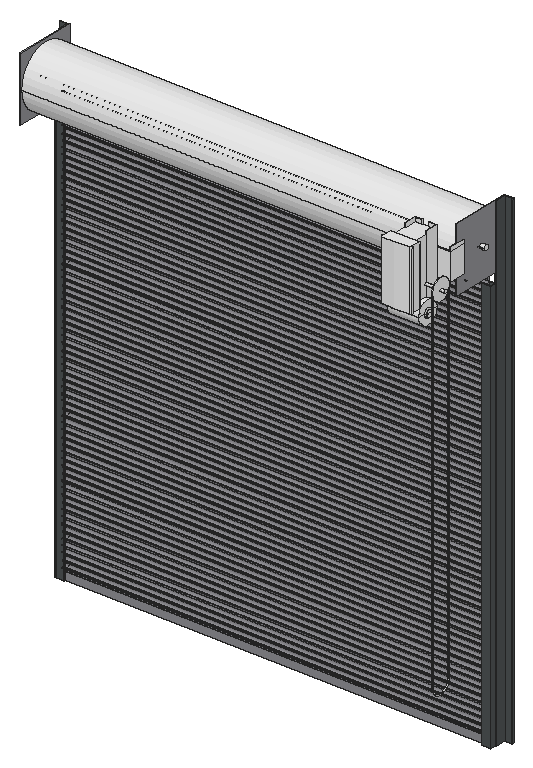
Revit family "Doors_Fire-Doors-Shutters_Overhead-Door-Corporation_Fire-Rated-Service-Doors-630_", category Specialty Equipment, host Wall, Revit 2019
Family settings
  Host = Wall
  Round Connector Dimension = Use Diameter
  Part Type = Normal
  OmniClass Number = 23.30.10.21.34
  OmniClass Title = Industrial Doors
  Always vertical = Yes
  Cut with Voids When Loaded = Yes
  Shared = No
  Room Calculation Point = No
Parameters (values of type "115 volts, one phase, 60 Hz (110-120V range)")
  Width Count [instance] = if(or(Opening Width < 168", Opening Width = 168"), 14, if(or(Opening Width < 240", Opening Width = 240"), 20, 24))  # 14
  Warning Sign [instance] = if(Calculated Area > 683.00 SF, 1 = 1, 1 = 2)  # no
  Warning (Note) [instance] = if(Warning Sign, "The Door Area is out of the limit; please adjust accordingly. The maximum allowed area is 683 sq. ft.", if(HC Warning = 1, "Headroom Clearance Dimensions - out of the limits. Consult Factory", " "))  # " "
  Wall Thickness [instance] = 6"
  Voltage = 115 V
  True Opening Width [instance] = if(Between Jambs Mounting, Door Width True, Clear Width)  # 120"
  True Opening Height [instance] = if(Between Jambs Mounting, Clear Height + Headroom Height, Clear Height)  # 120"
  Slat Type [instance] = if(Slat Option < 2, "C-187", if(Slat Option = 2, "C-275", "F-265"))  # "C-187"
  Slat Option [instance] = 1
  Slat Material [instance] = Steel - Overhead Door - Gray
  Slat Length [instance] = if(Between Jambs Mounting, Clear Width + 1 13/16" * 2, Clear Width + 1 9/16" * 2 + 1/4" * 2)  # 123 5/8"
  Slat Height [instance] = if(Slat < 2, 11 9/32", if(Slat = 2, 13 3/4", 13 19/128"))  # 11 9/32"
  Slat [instance] = if(Slat Option < 2, 1, if(Slat Option = 2, 2, 3))  # 1
  Product Page URL = "https://www.overheaddoor.com/fire-rated-service-doors-630"
  Power Factor = 1
  Powder Coat (Note) = "PowderGuard® Premium powder coat finish options are available in approximately 200 colors as well as custom matching to specification. PowderGuard® Textured finish, a thicker, more scratch resistant coat, is available in 11 colors providing enhanced scratch resistance as well as aiding in hiding the dirt and blemishes that often occur in commercial environments.​"  # constant formula
  Operator Visibility = yes
  Operation (Note) [instance] = "Door could operate by manual push, crank, electrical operator or chain hoist. Manual push up and crank could be used up to 80 sf, for larger door sizes you have to use Chain Hoist operator."  # constant formula
  Opening Width Real [instance] = if(Opening Width > Max Opening Width, Max Opening Width, if(Opening Width < Min Opening Width, Min Opening Width, Opening Width))  # 120"
  Opening Width [instance] = 120"
  Opening Height Real [instance] = if(Opening Height > Max Opening Height, Max Opening Height, if(Opening Height < Min Opening Height, Min Opening Height, Opening Height))  # 120"
  Opening Height [instance] = 120"
  One Array element [instance] = not(Array Vis)  # no
  Number of Poles = 1
  Motor Type [instance] = if(Between Jambs Mounting, "RSX FDO Front of Hood", if(Motor Option < 2, "RSX FDO Front of Hood", if(Motor Option = 2, "RSX FDO Top of Hood", if(Motor Option = 3, "RSX Wall Mount", "RSX Bench Mount"))))  # "RSX FDO Front of Hood"
  Motor Selection (Note) [instance] = "Generic operator shown. Contact Overhead Door when dimensions are critical. "  # constant formula
  Motor Position [instance] = if(Between Jambs Mounting, BJ Displacement Real, 2 1/2")  # 2 1/2"
  Motor Option Real [instance] = if(Between Jambs Mounting, 1, if(Motor Option < 1, 1, if(Motor Option > 4, 4, Motor Option)))  # 1
  Motor Option [instance] = 1
  Min Opening Width [instance] = if(Between Jambs Mounting, 18" + BJ Displacement Real * 2 + 2 3/4" * 2, 18")  # 18"
  Min Opening Height [instance] = if(Between Jambs Mounting, 24" + Headroom Height, 24")  # 24"
  Max Opening Width [instance] = 494"  # constant formula
  Max Opening Height [instance] = 304"  # constant formula
  Lookup Table = "Hood Dimensions"  # constant formula
  Lookup BD [instance] = size_lookup(Lookup Table, if(Slat = 1, "A1", if(Slat = 2, "A2", "A3")), 10", Width Count, Height Count)  # 17 1/2"
  Jambs Offset [instance] = if(Between Jambs Mounting, BJ Displacement Real + 2 3/4", 0")  # 0"
  Installation Real [instance] = if(Between Jambs Mounting, Wall Thickness / 2 - Guid Depth / 2, Wall Thickness)  # 6"
  Hood Type [instance] = if(Hood Option < 2, "No Hood", if(Hood Option = 2, "Square Hood", if(Hood Option = 3, "Octagon Hood", "Round Hood")))  # "No Hood"
  Hood Option [instance] = 1
  Hood Offset [instance] = if(Chain Hoist or Manual, 1", 3")  # 3"
  Hood Material [instance] = Metal - Overhead Door - Gray
  Hood Height [instance] = if(Between Jambs Mounting, Headroom Height - Hood Offset, if(Hood Option > 1, Headroom Height - Hood Offset - 1 1/2", Headroom Height - Hood Offset))  # 18 5/8"
  Height Count [instance] = if(Slat = 1, HC 1, if(Slat = 2, HC 2, HC 3))  # 10
  Lookup HH [instance] = size_lookup(Lookup Table, if(Slat = 1, "B1", if(Slat = 2, "B2", "B3")), 10", Width Count, Height Count)  # 19 5/8"
  Headroom Height [instance] = if(Chain Hoist or Manual, Lookup HH, Lookup HH + 2")  # 21 5/8"
  HC Warning [instance] = size_lookup(Lookup Table, if(Slat = 1, "W1", if(Slat = 2, "W2", "W3")), 0, Width Count, Height Count)  # 0
  HC 3 [instance] = if(or(Opening Height < 120", Opening Height = 120"), 10, if(or(Opening Height < 168", Opening Height = 168"), 14, if(or(Opening Height < 192", Opening Height = 192"), 16, if(or(Opening Height < 216", Opening Height = 216"), 18, if(or(Opening Height < 228", Opening Height = 228"), 19, if(or(Opening Height < 252", Opening Height = 252"), 21, 24))))))  # 10
  HC 2 [instance] = if(or(Opening Height < 120", Opening Height = 120"), 10, if(or(Opening Height < 132", Opening Height = 132"), 11, if(or(Opening Height < 168", Opening Height = 168"), 14, if(or(Opening Height < 192", Opening Height = 192"), 16, if(or(Opening Height < 216", Opening Height = 216"), 18, if(or(Opening Height < 228", Opening Height = 228"), 19, if(or(Opening Height < 252", Opening Height = 252"), 21, 24)))))))  # 10
  HC 1 [instance] = if(or(Opening Height < 120", Opening Height = 120"), 10, if(or(Opening Height < 252", Opening Height = 252"), 21, 24))  # 10
  Guide Type [instance] = if(Between Jambs Mounting, "Angled Between Jambs Z Guide", "Angled Z Guide")  # "Angled Z Guide"
  Guide Option [instance] = if(Between Jambs Mounting, 1, 2)  # 2
  Guid Depth [instance] = 5"  # constant formula
  Frequency = 60 Hz
  Face of Wall Offset [instance] = if(Between Jambs Mounting, 0", 5")  # 5"
  Face Of Wall Mounting [instance] = not(Between Jambs Mounting)  # yes
  Door Width True [instance] = if(Between Jambs Mounting, Clear Width + BJ Displacement Real * 2 + 2 3/4" * 2, Clear Width + 5 3/4" * 2)  # 131 1/2"
  Door Width (Real) [instance] = if(Between Jambs Mounting, Clear Width, Clear Width + 1" / 2)  # 120 1/2"
  Door Height True [instance] = Clear Width + Headroom Height  # 141 5/8"
  Door Height (Real) [instance] = Clear Height + Hood Offset  # 123"
  URL = "https://www.overheaddoor.com/"
  Product data url = "https://www.bimobject.com/overhead-door/product/fire-rated-service-doors-630"
  Product Guid = "893640db-7c23-4269-adba-346e23f14021"
  Model = "630"  # constant formula
  Manufacturer = "Overhead Door Corporation"  # constant formula
  Wall Closure = By host
  Floor To (CL) of Shaft [instance] = Clear Height + Hood Height / 2 + Hood Offset  # 132 5/16"
  Finish Material = Finish - Overhead Door - Black
  Description = "FireKing Model 630 Rolling Fire Door"  # constant formula
  Clear Width [instance] = if(Between Jambs Mounting, Opening Width Real - BJ Displacement Real * 2 - 2 3/4" * 2, Opening Width Real)  # 120"
  Clear Height [instance] = if(Between Jambs Mounting, Opening Height Real - Headroom Height, Opening Height Real)  # 120"
  Chain Hoist or Manual = no
  Current = 20 A
  Connector Array Distance = 0"  # constant formula
  Connector Array = if(Chain Hoist or Manual, 2, 3)  # 3
  Between Jambs Mounting [instance] = no
  Between Jambs Guides Offset [instance] = 3"
  Bar [instance] = if(and(Hood Option > 1, Face Of Wall Mounting), 1 = 1, 1 = 2)  # no
  Backroom Depth [instance] = Lookup BD  # 17 1/2"
  BJ Opening Cut [instance] = if(Between Jambs Mounting, Headroom Height, 0")  # 0"
  BJ Displacement Real [instance] = if(Between Jambs Mounting, if(Between Jambs Guides Offset < 3", 3", if(Between Jambs Guides Offset > 6 3/4", 6 3/4", Between Jambs Guides Offset)), 0")  # 0"
  Array Vis [instance] = if(Array < 2, 1 = 2, 1 = 1)  # yes
  Array Real [instance] = if(Array < 2, 2, Array)  # 11
  Array Length [instance] = (Array) * Slat Height  # 124 3/32"
  Array [instance] = rounddown(([Door Height (Real)]) / Slat Height) + 1  # 11
  Calculated Area [instance] = [Door Width (Real)] * [Door Height (Real)]  # 102.927 SF
  Apparent Load Phase 3 = if(Number of Poles = 1, 0 VA, (Voltage * Current * sqrt(3)) / 3)  # 0 VA
  Apparent Load Phase 2 = if(Number of Poles = 1, 0 VA, (Voltage * Current * sqrt(3)) / 3)  # 0 VA
  Apparent Load Phase 1 = if(Number of Poles = 1, Voltage * Current, (Voltage * Current * sqrt(3)) / 3)  # 2300 VA
Reference planes (in)
  plane 1 "Center (Front/Back)": y = -14.625
  plane 2 "Center (Left/Right)": x = 0
  plane 3 "Left": x = -60
  plane 4 "Right": x = 60
  plane 5 "Exterior": y = -8.625
  plane 6 "Interior": y = -14.625
  plane 7: x = 65.75
  plane 8: x = -65.75
  plane 9: z = 120
  plane 10 "Main": y = -18.98437
  plane 11 "Backroom Depth": y = -32.125
  plane 12 "Main Door Block": y = -14.625
  plane 13 "Bottom Bar": z = 2.75
  plane 14: y = -19.625
  plane 15: z = 126.84375
  plane 16: z = 141.625
  plane 17: z = 123
  plane 18: z = 143.125
  plane 19: z = 0
  plane 20: z = 60
  plane 21: y = -18.7185
  plane 22: y = 18.375
  plane 23: y = -41.625
  plane 24 "Double Main": y = -18.406
  plane 25 "Headroom Top": z = 141.625
  plane 26: z = 132.3125
  plane 27: x = 63.25
  plane 28: x = -63.25
Forms (in)
  Extrusion 1, void
    sketch origin (0, -14.625, 0) x (0, 0, -1) y (-1, 0, 0)
      loop
        line (-120, 60) -> (-120, -60) -> (0, -60) -> (0, 60) -> (-120, 60)
    from 0 to 6
  Extrusion 2, solid, material "Metal - Overhead Door - Gray" <- "Hood Material", visible <- "Bar"
    sketch origin (0, 0, 0) x (0, 1, 0) y (0, 0, 1)
      loop
        line (-14.875, 141.625) -> (-14.625, 141.625) -> (-14.625, 143.125) -> (-14.875, 143.125) -> (-14.875, 141.625)
    from -63 to 63
Lines and regions (in)
  symbolic lines, visible <- "Bar"
    curve 1: line (63, -14.625, 0) -> (-63, -14.625, 0)
    curve 2: line (-63, -14.875, 0) -> (63, -14.875, 0)
Text (in)
  text "Exterior" at (-74.96733, 27.31104, 0), in view "Ref. Level"
  text "Interior" at (-74.96733, -25.14366, 0), in view "Ref. Level"
  text "Exterior" at (0, 40.15149, 123.01588), in view "Right"
  text "Interior" at (0, -64.39139, 123.01588), in view "Right"
  text "Interior" at (0, -31.01599, 123.00693), in view "Left"
  text "Exterior" at (0, 54.57065, 123.00693), in view "Left"
Dimensions and locks (in)
  equal spacing: plane 3 "Left", plane 2 "Center (Left/Right)", plane 4 "Right"
  "Clear Width": plane 3 "Left" to plane 4 "Right"
  level to host wall = 459.59655"
  "Clear Height": level to plane 9
  plane 7 to plane 8 = 131 1/2"
  equal spacing: plane 7, plane 2 "Center (Left/Right)", plane 8
  locked: plane 13 "Bottom Bar" to level at 2.75
  "Door Width True": plane 7 to plane 8
  "Guid Depth": plane 14 to plane 12 "Main Door Block"
  locked: plane 14 to plane 10 "Main" at 0.64063
  equal spacing: group 1, group 3, group 4, group 5, group 6, group 7, group 8, group 9, group 10, group 11, group 2  (x3)
  "Array Length": plane 15 to plane 13 "Bottom Bar"
  "Backroom Depth": plane 11 "Backroom Depth" to plane 12 "Main Door Block"
  "Hood Height": plane 16 to plane 17
  locked: plane 18 to plane 16 at 1.5
  locked: Extrusion 2 sketch curve to Extrusion 2 sketch curve at 0.25
  "Installation Real": plane 1 "Center (Front/Back)" to plane 5 "Exterior"
  "Wall Thickness": host wall to host wall
  equal spacing: plane 9, plane 20, plane 19
  locked: plane 10 "Main" to plane 21 at 0.26587
  equal spacing: plane 22, host wall, plane 23
  locked: plane 22 to plane 23 at 60
  locked: plane 10 "Main" to plane 24 "Double Main" at 0.57837
  "BJ Opening Cut": Extrusion 1 sketch curve to plane 9
  locked: Extrusion 2 sketch curve to Extrusion 2 sketch curve at 1.5
  "Hood Offset": plane 17 to plane 9
  "Headroom Height": plane 25 "Headroom Top" to plane 9
  "Floor To (CL) of Shaft": plane 26 to level
  "Jambs Offset": plane 4 "Right" to Extrusion 1 sketch curve
  "Jambs Offset": Extrusion 1 sketch curve to plane 3 "Left"
  "Motor Position": plane 7 to plane 27
  "Motor Position": plane 28 to plane 8
  locked: plane 28 to Extrusion 2 at 0.25
  locked: Extrusion 2 to plane 27 at 0.25
  aligned and locked: plane 5 "Exterior" to host wall
  aligned and locked: host wall to plane 6 "Interior"
  aligned and locked: level to Extrusion 1 sketch curve
  aligned and locked: Extrusion 1 to plane 5 "Exterior"
  aligned and locked: plane 6 "Interior" to Extrusion 1
  aligned and locked: nested 1 to plane 10 "Main"
  aligned and locked: nested 2 to plane 10 "Main"
  aligned and locked: plane 13 "Bottom Bar" to nested 1
  aligned and locked: nested 3 to plane 2 "Center (Left/Right)"
  aligned and locked: plane 16 to nested 4
  aligned and locked: nested 3 to level
  aligned and locked: Extrusion 2 sketch curve to plane 18
  aligned and locked: plane 6 "Interior" to Extrusion 2 sketch curve
  aligned and locked: curve 1 to Extrusion 2  (x2)
  aligned and locked: curve 2 to Extrusion 2  (x2)
  aligned and locked: Extrusion 2 to curve 2
  aligned and locked: plane 12 "Main Door Block" to plane 1 "Center (Front/Back)"
  aligned and locked: plane 5 "Exterior" to nested 4
  aligned and locked: level to plane 19
  aligned and locked: plane 15 to nested 2
  aligned and locked: nested 3 to plane 1 "Center (Front/Back)"
  aligned and locked: plane 2 "Center (Left/Right)" to nested 5
  aligned and locked: nested 5 to plane 22
  aligned and locked: plane 23 to nested 6
  aligned and locked: nested 6 to plane 2 "Center (Left/Right)"
  aligned and locked: nested 7 to plane 20
  aligned and locked: plane 2 "Center (Left/Right)" to nested 7
  aligned and locked: nested 7 to plane 10 "Main"
  aligned and locked: plane 13 "Bottom Bar" to nested 8
  aligned and locked: plane 2 "Center (Left/Right)" to nested 8
  aligned and locked: nested 8 to plane 10 "Main"
  aligned and locked: nested 4 to plane 27
  aligned and locked: plane 2 "Center (Left/Right)" to nested 1
  aligned and locked: plane 2 "Center (Left/Right)" to nested 9
Automatic sketch dimensions
  curve 1 to curve 2 = 0"
Nested families (in)
  nested 1: "Slat" at (0, -18.98437, 2.75), visible <- "Array Vis", type "Slat"
  nested 2: "Slat" at (0, -18.98437, 115.56375), visible <- "Array Vis", type "Slat"
  nested 3: "Lifts" at (0, -14.625, 0), type "Frame Unit"
    with Square Hood no, Round Hood no, Octagon Hood no, No Hood yes, Hood Offset 3", Hood Height 18 5/8", Half Hood Height 18 5/8", Floor To (CL) of Shaft 132 5/16"
  nested 4: "Motor" at (56.3705, -39.705, 121.2425), visible <- "Operator Visibility", type "Trolley Motor"
  nested 5: "Label Annotation 1" at (0, 18.375, 0), visible <- "Warning Sign", type "Label Annotation 1"
  nested 6: "Label Annotation 1" at (0, -41.625, 0) x (-1, 0, 0) z (0, 0, 1), visible <- "Warning Sign", type "Label Annotation 1"
  nested 7: "Warning Sign" at (0, -18.98437, 60), visible <- "Warning Sign", type "Warning Sign"
    with Warning Sign no
  nested 8: "Slat" at (0, -18.98437, 2.75), visible <- "One Array element", type "Slat"
  nested 9: "Slat" at (0, -18.98437, 14.03137), visible <- "Array Vis", type "Slat"
  nested 10: "Slat" at (0, -18.98437, 25.31275), visible <- "Array Vis", type "Slat"
  nested 11: "Slat" at (0, -18.98437, 36.59412), visible <- "Array Vis", type "Slat"
  nested 12: "Slat" at (0, -18.98437, 47.8755), visible <- "Array Vis", type "Slat"
  nested 13: "Slat" at (0, -18.98437, 59.15687), visible <- "Array Vis", type "Slat"
  nested 14: "Slat" at (0, -18.98437, 70.43825), visible <- "Array Vis", type "Slat"
  nested 15: "Slat" at (0, -18.98437, 81.71963), visible <- "Array Vis", type "Slat"
  nested 16: "Slat" at (0, -18.98437, 93.001), visible <- "Array Vis", type "Slat"
  nested 17: "Slat" at (0, -18.98437, 104.28238), visible <- "Array Vis", type "Slat"
Connectors (in)
  electrical at (59.3585, -38.31077, 131.8123), driven by "Apparent Load Phase 1", driven by "Number of Poles", driven by "Power Factor", driven by "Voltage", driven by "Apparent Load Phase 2", driven by "Apparent Load Phase 3"
    settings: on nested 4, index 1, voltage 115 V, apparent load 0 VA, apparent load phase1 2300 VA, apparent load phase2 0 VA, apparent load phase3 0 VA, power factor 1, load classification "Other", number of poles 1, system type 31, power factor state 1, is connector primary yes, connector utility no, sub classification motor no, connector description "Electrical Connector"
Definition of nested family "Slat"
  Parameters (values of type "Slat")
    Slat Width = if(Slat Option < 2, 0.53", if(Slat Option = 2, 0.88", 0.63"))  # 0.53"
    Slat Position = if(Slat Option < 2, 1.88" * 6, if(Slat Option = 2, 2 3/4" * 5, 2.63" * 5))  # 11.28"
    Slat Option = 1
    Panel Material = none
    Opening Width = 123 5/8"
    F 265 = if(Slat Option > 2, 1 = 1, 1 = 2)  # no
    Default Elevation = 48"
    C 275 = if(Slat Option = 2, 1 = 1, 1 = 2)  # no
    C 187 = if(Slat Option < 2, 1 = 1, 1 = 2)  # yes
  Reference planes (in)
    plane 1 "Center (Front/Back)": y = 0
    plane 2: z = 0
    plane 3 "Center (Left/Right)": x = 0
    plane 4: x = -61.8125
    plane 5: x = 61.8125
    plane 6: y = 0.53
    plane 7: y = 0
    plane 8: z = 0
    plane 9: z = 11.28
    plane 10: y = 0.265
  Forms (in)
    Extrusion 1, solid, material <- "Panel Material", visible <- "C 187"
      sketch origin (0, -4.98186, 11.28) x (0, 1, 0) y (0, 0, 1)
        loop
          arc (5.13374, -0.19852) -> (5.22413, 0.04375) -> (4.98186, -0.04664) r 0.14213
          arc (4.98186, -0.04664) -> (5.00563, -0.16042) -> (5.08572, -0.24466) r 0.21243
          arc (5.08572, -0.24466) -> (5.4383, -0.89756) -> (5.02595, -1.51447) r 0.71901
          arc (5.02595, -1.51447) -> (4.97908, -1.58828) -> (5.02595, -1.6621) r 0.08156
          arc (5.02595, -1.6621) -> (5.11263, -1.7164) -> (5.18387, -1.78979) r 0.42621
          arc (5.18387, -1.78979) -> (4.98591, -1.90085) -> (5.06579, -2.11331) r 0.17419
          arc (5.06579, -2.11331) -> (5.43875, -2.76611) -> (5.02595, -3.39447) r 0.71901
          arc (5.02595, -3.39447) -> (4.97908, -3.46828) -> (5.02595, -3.5421) r 0.08156
          arc (5.02595, -3.5421) -> (5.11263, -3.5964) -> (5.18387, -3.66979) r 0.42621
          arc (5.18387, -3.66979) -> (4.98591, -3.78085) -> (5.06579, -3.99331) r 0.17419
          arc (5.06579, -3.99331) -> (5.43875, -4.64611) -> (5.02595, -5.27447) r 0.71901
          arc (5.02595, -5.27447) -> (4.97908, -5.34828) -> (5.02595, -5.4221) r 0.08156
          arc (5.02595, -5.4221) -> (5.11263, -5.4764) -> (5.18387, -5.54979) r 0.42621
          arc (5.18387, -5.54979) -> (4.98591, -5.66085) -> (5.06579, -5.87331) r 0.17419
          arc (5.06579, -5.87331) -> (5.43875, -6.52611) -> (5.02595, -7.15447) r 0.71901
          arc (5.02595, -7.15447) -> (4.97908, -7.22828) -> (5.02595, -7.3021) r 0.08156
          arc (5.02595, -7.3021) -> (5.11263, -7.3564) -> (5.18387, -7.42979) r 0.42621
          arc (5.18387, -7.42979) -> (4.98591, -7.54085) -> (5.06579, -7.75331) r 0.17419
          arc (5.06579, -7.75331) -> (5.43875, -8.40611) -> (5.02595, -9.03447) r 0.71901
          arc (5.02595, -9.03447) -> (4.97908, -9.10828) -> (5.02595, -9.1821) r 0.08156
          arc (5.02595, -9.1821) -> (5.11263, -9.2364) -> (5.18387, -9.30979) r 0.42621
          arc (5.18387, -9.30979) -> (4.98591, -9.42085) -> (5.06579, -9.63331) r 0.17419
          arc (5.06579, -9.63331) -> (5.43875, -10.28611) -> (5.02595, -10.91447) r 0.71901
          arc (5.02595, -10.91447) -> (4.97908, -10.98828) -> (5.02595, -11.0621) r 0.08156
          arc (5.02595, -11.0621) -> (5.11263, -11.1164) -> (5.18387, -11.18979) r 0.42621
          arc (5.18387, -11.18979) -> (4.98464, -11.27401) -> (5.11521, -11.44645) r 0.13704
          arc (5.11521, -11.44645) -> (5.2675, -11.35269) -> (5.24767, -11.17496) r 0.167
          arc (5.24767, -11.17496) -> (5.15003, -11.06824) -> (5.03941, -10.97505) r 1.11641
          arc (5.03941, -10.97505) -> (5.51106, -10.31587) -> (5.13374, -9.59852) r 0.77203
          arc (5.13374, -9.59852) -> (5.27713, -9.47917) -> (5.24767, -9.29496) r 0.18851
          arc (5.24767, -9.29496) -> (5.15003, -9.18824) -> (5.03941, -9.09505) r 1.11641
          arc (5.03941, -9.09505) -> (5.51106, -8.43587) -> (5.13374, -7.71852) r 0.77203
          arc (5.13374, -7.71852) -> (5.27713, -7.59917) -> (5.24767, -7.41496) r 0.18851
          arc (5.24767, -7.41496) -> (5.15003, -7.30824) -> (5.03941, -7.21505) r 1.11641
          arc (5.03941, -7.21505) -> (5.51106, -6.55587) -> (5.13374, -5.83852) r 0.77203
          arc (5.13374, -5.83852) -> (5.27713, -5.71917) -> (5.24767, -5.53496) r 0.18851
          arc (5.24767, -5.53496) -> (5.15003, -5.42824) -> (5.03941, -5.33505) r 1.11641
          arc (5.03941, -5.33505) -> (5.51106, -4.67587) -> (5.13374, -3.95852) r 0.77203
          arc (5.13374, -3.95852) -> (5.27713, -3.83917) -> (5.24767, -3.65496) r 0.18851
          arc (5.24767, -3.65496) -> (5.15003, -3.54824) -> (5.03941, -3.45505) r 1.11641
          arc (5.03941, -3.45505) -> (5.51106, -2.79587) -> (5.13374, -2.07852) r 0.77203
          arc (5.13374, -2.07852) -> (5.27713, -1.95917) -> (5.24767, -1.77496) r 0.18851
          arc (5.24767, -1.77496) -> (5.15003, -1.66824) -> (5.03941, -1.57505) r 1.11641
          arc (5.03941, -1.57505) -> (5.51106, -0.91587) -> (5.13374, -0.19852) r 0.77203
      from -61.8125 to 61.8125
    Extrusion 2, solid, material <- "Panel Material", visible <- "F 265"
      sketch origin (0, -4.98186, 11.28) x (0, 1, 0) y (0, 0, 1)
        loop
          arc (5.02225, -13.3083) -> (5.02946, -13.359) -> (5.06714, -13.39369) r 0.07621
          line (5.06714, -13.39369) -> (5.50213, -13.53037)
          arc (5.50213, -13.53037) -> (5.5795, -13.52023) -> (5.61555, -13.45101) r 0.08448
          line (5.61555, -13.45101) -> (5.61555, -11.01166)
          arc (5.61555, -11.01166) -> (5.59226, -10.95542) -> (5.53602, -10.93213) r 0.07953
          line (5.53602, -10.93213) -> (5.07146, -10.90651)
          arc (5.07146, -10.90651) -> (5.05162, -10.89829) -> (5.0434, -10.87845) r 0.02806
          line (5.0434, -10.87845) -> (5.06714, -10.76816) -> (5.50213, -10.90484)
          arc (5.50213, -10.90484) -> (5.5795, -10.8947) -> (5.61555, -10.82548) r 0.08448
          line (5.61555, -10.82548) -> (5.61555, -8.38613)
          arc (5.61555, -8.38613) -> (5.59226, -8.32989) -> (5.53602, -8.3066) r 0.07953
          line (5.53602, -8.3066) -> (5.07145, -8.28099)
          arc (5.07145, -8.28099) -> (5.05162, -8.27278) -> (5.0434, -8.25295) r 0.02804
          line (5.0434, -8.25295) -> (5.06682, -8.14253) -> (5.50213, -8.27931)
          arc (5.50213, -8.27931) -> (5.5795, -8.26916) -> (5.61555, -8.19995) r 0.08448
          line (5.61555, -8.19995) -> (5.61555, -5.7606)
          arc (5.61555, -5.7606) -> (5.59226, -5.70436) -> (5.53602, -5.68106) r 0.07953
          line (5.53602, -5.68106) -> (5.07146, -5.65544)
          arc (5.07146, -5.65544) -> (5.05162, -5.64722) -> (5.0434, -5.62738) r 0.02806
          line (5.0434, -5.62738) -> (5.06714, -5.51709) -> (5.50213, -5.65378)
          arc (5.50213, -5.65378) -> (5.5795, -5.64363) -> (5.61555, -5.57441) r 0.08448
          line (5.61555, -5.57441) -> (5.61555, -3.13506)
          arc (5.61555, -3.13506) -> (5.59226, -3.07882) -> (5.53602, -3.05553) r 0.07953
          line (5.53602, -3.05553) -> (5.07145, -3.02992)
          arc (5.07145, -3.02992) -> (5.05162, -3.02171) -> (5.0434, -3.00188) r 0.02804
          line (5.0434, -3.00188) -> (5.06682, -2.89146) -> (5.50213, -3.02824)
          arc (5.50213, -3.02824) -> (5.5795, -3.0181) -> (5.61555, -2.94888) r 0.08448
          line (5.61555, -2.94888) -> (5.61555, -0.50953)
          arc (5.61555, -0.50953) -> (5.59226, -0.45329) -> (5.53602, -0.43) r 0.07953
          line (5.53602, -0.43) -> (5.07094, -0.40562)
          arc (5.07094, -0.40562) -> (5.05177, -0.39768) -> (5.04383, -0.37851) r 0.02711
          line (5.04383, -0.37851) -> (5.09718, -0.11725)
          arc (5.09718, -0.11725) -> (5.4945, 0.04334) -> (5.06596, 0.04602) r 0.21842
          line (5.06596, 0.04602) -> (4.98186, -0.36586)
          arc (4.98186, -0.36586) -> (4.99921, -0.43741) -> (5.06536, -0.46972) r 0.08656
          line (5.06536, -0.46972) -> (5.51922, -0.48958)
          arc (5.51922, -0.48958) -> (5.54224, -0.4991) -> (5.55178, -0.52211) r 0.03256
          line (5.55178, -0.52211) -> (5.55375, -2.9399)
          arc (5.55375, -2.9399) -> (5.54189, -2.96619) -> (5.51328, -2.96983) r 0.02952
          line (5.51328, -2.96983) -> (5.0787, -2.83327) -> (5.09726, -2.74238)
          arc (5.09726, -2.74238) -> (5.49489, -2.58243) -> (5.06631, -2.57951) r 0.21842
          line (5.06631, -2.57951) -> (4.98186, -2.99139)
          arc (4.98186, -2.99139) -> (4.99921, -3.06294) -> (5.06536, -3.09526) r 0.08656
          line (5.06536, -3.09526) -> (5.51922, -3.11511)
          arc (5.51922, -3.11511) -> (5.54224, -3.12464) -> (5.55178, -3.14764) r 0.03256
          line (5.55178, -3.14764) -> (5.55375, -5.56543)
          arc (5.55375, -5.56543) -> (5.54189, -5.59173) -> (5.51328, -5.59536) r 0.02952
          line (5.51328, -5.59536) -> (5.07902, -5.45891) -> (5.09752, -5.36831)
          arc (5.09752, -5.36831) -> (5.49485, -5.20773) -> (5.06631, -5.20505) r 0.21842
          line (5.06631, -5.20505) -> (4.98186, -5.61692)
          arc (4.98186, -5.61692) -> (4.99921, -5.68847) -> (5.06536, -5.72079) r 0.08656
          line (5.06536, -5.72079) -> (5.51922, -5.74064)
          arc (5.51922, -5.74064) -> (5.54224, -5.75017) -> (5.55178, -5.77318) r 0.03256
          line (5.55178, -5.77318) -> (5.55375, -8.19096)
          arc (5.55375, -8.19096) -> (5.54189, -8.21726) -> (5.51328, -8.22089) r 0.02952
          line (5.51328, -8.22089) -> (5.0787, -8.08434) -> (5.09726, -7.99345)
          arc (5.09726, -7.99345) -> (5.49489, -7.83349) -> (5.06631, -7.83058) r 0.21842
          line (5.06631, -7.83058) -> (4.98186, -8.24245)
          arc (4.98186, -8.24245) -> (4.99921, -8.31401) -> (5.06536, -8.34632) r 0.08656
          line (5.06536, -8.34632) -> (5.51922, -8.36618)
          arc (5.51922, -8.36618) -> (5.54224, -8.3757) -> (5.55178, -8.39871) r 0.03256
          line (5.55178, -8.39871) -> (5.55375, -10.8165)
          arc (5.55375, -10.8165) -> (5.54189, -10.84279) -> (5.51328, -10.84643) r 0.02952
          line (5.51328, -10.84643) -> (5.07902, -10.70997) -> (5.09752, -10.61938)
          arc (5.09752, -10.61938) -> (5.49485, -10.45879) -> (5.06631, -10.45611) r 0.21842
          line (5.06631, -10.45611) -> (4.98186, -10.86799)
          arc (4.98186, -10.86799) -> (4.99921, -10.93954) -> (5.06536, -10.97185) r 0.08656
          line (5.06536, -10.97185) -> (5.51922, -10.99171)
          arc (5.51922, -10.99171) -> (5.54224, -11.00124) -> (5.55178, -11.02424) r 0.03256
          line (5.55178, -11.02424) -> (5.55375, -13.44203)
          arc (5.55375, -13.44203) -> (5.54189, -13.46832) -> (5.51328, -13.47196) r 0.02952
          line (5.51328, -13.47196) -> (5.0787, -13.3354) -> (5.09726, -13.24451)
          arc (5.09726, -13.24451) -> (5.49489, -13.08456) -> (5.06631, -13.08164) r 0.21842
          line (5.06631, -13.08164) -> (5.01978, -13.30779)
      from -61.8125 to 61.8125
    Extrusion 3, solid, material <- "Panel Material", visible <- "C 275"
      sketch origin (0, -4.98186, 11.28) x (0, 1, 0) y (0, 0, 1)
        loop
          line (5.41686, -0.22417) -> (5.41686, 0)
          arc (5.41686, 0) -> (5.05386, 0.17026) -> (5.15503, -0.21771) r 0.22143
          arc (5.15503, -0.21771) -> (5.50356, -0.34009) -> (5.79849, -0.56251) r 1.20236
          line (5.79849, -0.56251) -> (5.79849, -1.75298)
          arc (5.79849, -1.75298) -> (5.49161, -2.09311) -> (5.07676, -2.28744) r 1.15681
          arc (5.07676, -2.28744) -> (4.97768, -2.42727) -> (5.10235, -2.54485) r 0.13061
          arc (5.10235, -2.54485) -> (4.97574, -2.77341) -> (5.15503, -2.96347) r 0.22143
          arc (5.15503, -2.96347) -> (5.50356, -3.08586) -> (5.79849, -3.30827) r 1.20236
          line (5.79849, -3.30827) -> (5.79849, -4.49874)
          arc (5.79849, -4.49874) -> (5.49161, -4.83887) -> (5.07676, -5.03321) r 1.15681
          arc (5.07676, -5.03321) -> (4.97829, -5.17815) -> (5.11266, -5.29063) r 0.13061
          arc (5.11266, -5.29063) -> (4.97511, -5.51807) -> (5.15503, -5.71371) r 0.22143
          arc (5.15503, -5.71371) -> (5.50356, -5.8361) -> (5.79849, -6.05851) r 1.20236
          line (5.79849, -6.05851) -> (5.79849, -7.24898)
          arc (5.79849, -7.24898) -> (5.49161, -7.58911) -> (5.07676, -7.78344) r 1.15681
          arc (5.07676, -7.78344) -> (4.97768, -7.92327) -> (5.10235, -8.04085) r 0.13061
          arc (5.10235, -8.04085) -> (4.97574, -8.26941) -> (5.15503, -8.45948) r 0.22143
          arc (5.15503, -8.45948) -> (5.50356, -8.58186) -> (5.79849, -8.80427) r 1.20236
          line (5.79849, -8.80427) -> (5.79849, -9.99475)
          arc (5.79849, -9.99475) -> (5.49161, -10.33487) -> (5.07676, -10.52921) r 1.15681
          arc (5.07676, -10.52921) -> (4.97829, -10.67415) -> (5.11266, -10.78663) r 0.13061
          arc (5.11266, -10.78663) -> (4.97511, -11.01407) -> (5.15503, -11.20971) r 0.22143
          arc (5.15503, -11.20971) -> (5.50356, -11.3321) -> (5.79849, -11.55451) r 1.20236
          line (5.79849, -11.55451) -> (5.79849, -12.74498)
          arc (5.79849, -12.74498) -> (5.49161, -13.08511) -> (5.07676, -13.27945) r 1.15681
          arc (5.07676, -13.27945) -> (4.97768, -13.41927) -> (5.10235, -13.53685) r 0.13061
          arc (5.10235, -13.53685) -> (5.21569, -13.95826) -> (5.25036, -13.52326) r 0.22143
          line (5.25036, -13.52326) -> (5.07719, -13.43535)
          arc (5.07719, -13.43535) -> (5.0486, -13.38199) -> (5.08882, -13.33673) r 0.0529
          arc (5.08882, -13.33673) -> (5.53303, -13.12837) -> (5.85849, -12.7612) r 1.21407
          line (5.85849, -12.7612) -> (5.85849, -11.53168)
          arc (5.85849, -11.53168) -> (5.65615, -11.34806) -> (5.41686, -11.21617) r 1.17443
          line (5.41686, -11.21617) -> (5.41686, -10.992)
          arc (5.41686, -10.992) -> (5.38383, -10.87566) -> (5.29461, -10.79403) r 0.22143
          line (5.29461, -10.79403) -> (5.07719, -10.68511)
          arc (5.07719, -10.68511) -> (5.0486, -10.63175) -> (5.08882, -10.58649) r 0.0529
          arc (5.08882, -10.58649) -> (5.53303, -10.37813) -> (5.85849, -10.01096) r 1.21407
          line (5.85849, -10.01096) -> (5.85849, -8.78144)
          arc (5.85849, -8.78144) -> (5.65615, -8.59783) -> (5.41686, -8.46594) r 1.17443
          line (5.41686, -8.46594) -> (5.41686, -8.24176)
          arc (5.41686, -8.24176) -> (5.37035, -8.10599) -> (5.25036, -8.02726) r 0.22143
          line (5.25036, -8.02726) -> (5.07719, -7.93935)
          arc (5.07719, -7.93935) -> (5.0486, -7.88599) -> (5.08882, -7.84073) r 0.0529
          arc (5.08882, -7.84073) -> (5.53303, -7.63236) -> (5.85849, -7.26519) r 1.21407
          line (5.85849, -7.26519) -> (5.85849, -6.03568)
          arc (5.85849, -6.03568) -> (5.65615, -5.85206) -> (5.41686, -5.72017) r 1.17443
          line (5.41686, -5.72017) -> (5.41686, -5.496)
          arc (5.41686, -5.496) -> (5.39015, -5.39058) -> (5.31648, -5.31059) r 0.22143
          line (5.31648, -5.31059) -> (5.07719, -5.18911)
          arc (5.07719, -5.18911) -> (5.0486, -5.13575) -> (5.08882, -5.09049) r 0.0529
          arc (5.08882, -5.09049) -> (5.53303, -4.88213) -> (5.85849, -4.51496) r 1.21407
          line (5.85849, -4.51496) -> (5.85849, -3.28544)
          arc (5.85849, -3.28544) -> (5.65615, -3.10183) -> (5.41686, -2.96993) r 1.17443
          line (5.41686, -2.96993) -> (5.41686, -2.74576)
          arc (5.41686, -2.74576) -> (5.37035, -2.60999) -> (5.25036, -2.53126) r 0.22143
          line (5.25036, -2.53126) -> (5.07719, -2.44335)
          arc (5.07719, -2.44335) -> (5.0486, -2.38998) -> (5.08882, -2.34473) r 0.0529
          arc (5.08882, -2.34473) -> (5.53303, -2.13636) -> (5.85849, -1.76919) r 1.21407
          line (5.85849, -1.76919) -> (5.85849, -0.53968)
          arc (5.85849, -0.53968) -> (5.65615, -0.35606) -> (5.41686, -0.22417) r 1.17443
      from -61.8125 to 61.8125
  Lines and regions (in)
    reference lines
      curve 1: line (0, -4.98186, 11.28) -> (0, 9.9877, 11.28)
  Dimensions and locks (in)
    equal spacing: plane 4, plane 3 "Center (Left/Right)", plane 5
    "Opening Width": plane 4 to plane 5
    "Slat Width": plane 1 "Center (Front/Back)" to plane 6
    "Slat Position": plane 9 to level
    equal spacing: plane 1 "Center (Front/Back)", plane 10, plane 6
    aligned and locked: plane 2 to level
    aligned and locked: plane 1 "Center (Front/Back)" to plane 7
    aligned and locked: level to plane 8
    aligned and locked: plane 5 to Extrusion 1
    aligned and locked: plane 4 to Extrusion 1
    aligned and locked: plane 5 to Extrusion 2
    aligned and locked: plane 4 to Extrusion 2
    aligned and locked: plane 5 to Extrusion 3
    aligned and locked: plane 4 to Extrusion 3
    aligned and locked: curve 1 to plane 9
  Automatic sketch dimensions
    plane 1 "Center (Front/Back)" to curve 1 = 4.98186"
    curve 1 to plane 6 = 9.4577"
    curve 1 to Extrusion 1 sketch curve = 4.37692"
    Extrusion 1 sketch curve to Extrusion 1 sketch curve = 0"  (x25)
    Extrusion 1 sketch curve to Extrusion 1 sketch curve = 0.34316"  (x6)
    Extrusion 1 sketch curve to Extrusion 1 sketch curve = 0.02075"  (x6)
    Extrusion 1 sketch curve to Extrusion 1 sketch curve = 0.46772"  (x6)
    Extrusion 1 sketch curve to Extrusion 1 sketch curve = 0.21601"  (x6)
    Extrusion 1 sketch curve to Extrusion 1 sketch curve = 0.25599"  (x5)
    Extrusion 1 sketch curve to Extrusion 1 sketch curve = 0.0004"
    curve 1 to Extrusion 1 sketch curve = 0.05675"
    Extrusion 1 sketch curve to Extrusion 1 sketch curve = 49/128"
    Extrusion 1 sketch curve to Extrusion 1 sketch curve = 0.04891"  (x5)
    Extrusion 1 sketch curve to Extrusion 1 sketch curve = 0.07012"
    curve 1 to Extrusion 1 sketch curve = 0.06175"
    curve 1 to Extrusion 1 sketch curve = 0.86309"
    Extrusion 1 sketch curve to Extrusion 1 sketch curve = 0.00067"  (x6)
    Extrusion 1 sketch curve to Extrusion 1 sketch curve = 0.72519"  (x6)
    Extrusion 1 sketch curve to Extrusion 1 sketch curve = 0.30465"  (x5)
    Extrusion 1 sketch curve to Extrusion 1 sketch curve = 0.06764"  (x5)
    Extrusion 1 sketch curve to Extrusion 1 sketch curve = 0.15488"  (x5)
    Extrusion 1 sketch curve to Extrusion 1 sketch curve = 0.42583"  (x6)
    Extrusion 1 sketch curve to Extrusion 1 sketch curve = 0.26945"  (x5)
    Extrusion 1 sketch curve to Extrusion 1 sketch curve = 0.02995"
    curve 1 to Extrusion 1 sketch curve = 0.04664"
    Extrusion 1 sketch curve to Extrusion 1 sketch curve = 0.0347"  (x8)
    Extrusion 1 sketch curve to Extrusion 1 sketch curve = 0.02124"  (x6)
    Extrusion 1 sketch curve to Extrusion 1 sketch curve = 0.00181"
    Extrusion 1 sketch curve to Extrusion 1 sketch curve = 0.04801"
    Extrusion 1 sketch curve to Extrusion 1 sketch curve = 0.06794"  (x5)
    Extrusion 1 sketch curve to Extrusion 1 sketch curve = 0.0638"  (x3)
    Extrusion 3 sketch curve to Extrusion 3 sketch curve = 0"  (x17)
    curve 1 to Extrusion 3 sketch curve = 0"
    curve 1 to Extrusion 3 sketch curve = 4.80317"
    Extrusion 3 sketch curve to Extrusion 3 sketch curve = 0.0028"  (x5)
    Extrusion 3 sketch curve to Extrusion 3 sketch curve = 0.12969"  (x5)
    Extrusion 3 sketch curve to Extrusion 3 sketch curve = 0.03778"  (x5)
    Extrusion 3 sketch curve to Extrusion 3 sketch curve = 0.14152"  (x5)
    curve 1 to Extrusion 3 sketch curve = 2.44335"
    Extrusion 3 sketch curve to Extrusion 3 sketch curve = 0.02395"  (x5)
    Extrusion 3 sketch curve to Extrusion 3 sketch curve = 0.00651"  (x5)
    Extrusion 3 sketch curve to Extrusion 3 sketch curve = 0.11824"  (x5)
    Extrusion 3 sketch curve to Extrusion 3 sketch curve = 0.38946"
    Extrusion 3 sketch curve to Extrusion 3 sketch curve = 0.14271"  (x3)
    curve 1 to Extrusion 3 sketch curve = 2 17/32"
    Extrusion 3 sketch curve to Extrusion 3 sketch curve = 0.09917"
    Extrusion 3 sketch curve to Extrusion 3 sketch curve = 0.12104"
    Extrusion 3 sketch curve to Extrusion 3 sketch curve = 0.22143"  (x5)
    Extrusion 3 sketch curve to Extrusion 3 sketch curve = 0.38163"  (x4)
    Extrusion 3 sketch curve to Extrusion 3 sketch curve = 0.86282"
    Extrusion 3 sketch curve to Extrusion 3 sketch curve = 0.06"  (x5)
    Extrusion 3 sketch curve to Extrusion 3 sketch curve = 0.22417"  (x4)
    Extrusion 3 sketch curve to Extrusion 3 sketch curve = 0.31551"  (x4)
    Extrusion 3 sketch curve to Extrusion 3 sketch curve = 0.02283"  (x5)
    Extrusion 3 sketch curve to Extrusion 3 sketch curve = 0.14822"  (x4)
    Extrusion 3 sketch curve to Extrusion 3 sketch curve = 0.00061"  (x5)
    Extrusion 3 sketch curve to Extrusion 3 sketch curve = 0.08821"  (x5)
    Extrusion 3 sketch curve to Extrusion 3 sketch curve = 0.35309"  (x5)
    Extrusion 3 sketch curve to Extrusion 3 sketch curve = 0.01621"  (x5)
    Extrusion 3 sketch curve to Extrusion 3 sketch curve = 0.6432"  (x3)
    Extrusion 3 sketch curve to Extrusion 3 sketch curve = 0.01817"  (x5)
    Extrusion 3 sketch curve to Extrusion 3 sketch curve = 0.029"  (x4)
    Extrusion 3 sketch curve to Extrusion 3 sketch curve = 0.13791"
    Extrusion 3 sketch curve to Extrusion 3 sketch curve = 0.21451"
    Extrusion 3 sketch curve to Extrusion 3 sketch curve = 0.76206"
    Extrusion 3 sketch curve to Extrusion 3 sketch curve = 0.14761"
    curve 1 to Extrusion 3 sketch curve = 9/16"
    Extrusion 3 sketch curve to Extrusion 3 sketch curve = 0.02516"  (x3)
    Extrusion 3 sketch curve to Extrusion 3 sketch curve = 0.03547"  (x2)
    curve 1 to Extrusion 2 sketch curve = 4.98186"  (x2)
    curve 1 to Extrusion 2 sketch curve = 0.36586"
    Extrusion 2 sketch curve to Extrusion 2 sketch curve = 0"  (x4)
    curve 1 to Extrusion 2 sketch curve = 2.99139"
    Extrusion 2 sketch curve to Extrusion 2 sketch curve = 0.06154"  (x4)
    curve 1 to Extrusion 2 sketch curve = 0.37851"
    Extrusion 2 sketch curve to Extrusion 2 sketch curve = 0.06197"
    Extrusion 2 sketch curve to Extrusion 2 sketch curve = 0.02196"  (x4)
    curve 1 to Extrusion 2 sketch curve = 0.46972"
    Extrusion 2 sketch curve to Extrusion 2 sketch curve = 0.02153"
    curve 1 to Extrusion 2 sketch curve = 3.09526"
    Extrusion 2 sketch curve to curve 1 = 0.04602"
    Extrusion 2 sketch curve to Extrusion 2 sketch curve = 0.0841"
    Extrusion 2 sketch curve to Extrusion 2 sketch curve = 0.02327"  (x4)
    Extrusion 2 sketch curve to Extrusion 2 sketch curve = 3/128"  (x2)
    Extrusion 2 sketch curve to Extrusion 2 sketch curve = 0.02374"  (x2)
    curve 1 to Extrusion 2 sketch curve = 0.40562"
    Extrusion 2 sketch curve to Extrusion 2 sketch curve = 0.00478"  (x2)
    Extrusion 2 sketch curve to Extrusion 2 sketch curve = 0.00479"  (x2)
    Extrusion 2 sketch curve to Extrusion 2 sketch curve = 0.01188"  (x4)
    curve 1 to Extrusion 2 sketch curve = 0.11725"
    Extrusion 2 sketch curve to Extrusion 2 sketch curve = 0.03122"
    Extrusion 2 sketch curve to Extrusion 2 sketch curve = 0.01856"  (x3)
    Extrusion 2 sketch curve to Extrusion 2 sketch curve = 0.0319"
    Extrusion 2 sketch curve to Extrusion 2 sketch curve = 0.0185"  (x2)
    Extrusion 2 sketch curve to curve 1 = 0.00232"
    Extrusion 2 sketch curve to Extrusion 2 sketch curve = 0.18305"  (x3)
    Extrusion 2 sketch curve to Extrusion 2 sketch curve = 0.18279"  (x2)
    Extrusion 2 sketch curve to Extrusion 2 sketch curve = 0.43067"
    Extrusion 2 sketch curve to Extrusion 2 sketch curve = 0.43068"  (x2)
    Extrusion 2 sketch curve to Extrusion 2 sketch curve = 0.01115"  (x5)
    Extrusion 2 sketch curve to Extrusion 2 sketch curve = 0.0171"  (x4)
    curve 1 to Extrusion 2 sketch curve = 0.48958"
    Extrusion 2 sketch curve to Extrusion 2 sketch curve = 0.45386"
    Extrusion 2 sketch curve to Extrusion 2 sketch curve = 0.01106"  (x5)
    Extrusion 2 sketch curve to Extrusion 2 sketch curve = 0.00673"  (x5)
    Extrusion 2 sketch curve to Extrusion 2 sketch curve = 0.03389"  (x2)
    curve 1 to Extrusion 2 sketch curve = 0.43"
    Extrusion 2 sketch curve to Extrusion 2 sketch curve = 0.0168"  (x3)
    Extrusion 2 sketch curve to Extrusion 2 sketch curve = 0.01577"  (x5)
    curve 1 to Extrusion 2 sketch curve = 0.52211"
    Extrusion 2 sketch curve to Extrusion 2 sketch curve = 0.02268"  (x4)
    Extrusion 2 sketch curve to Extrusion 2 sketch curve = 0.0618"  (x2)
    Extrusion 2 sketch curve to Extrusion 2 sketch curve = 0.06377"  (x3)
    Extrusion 2 sketch curve to Extrusion 2 sketch curve = 0.02978"
    Extrusion 2 sketch curve to Extrusion 2 sketch curve = 0.40521"
    Extrusion 2 sketch curve to Extrusion 2 sketch curve = 0.01985"
    Extrusion 2 sketch curve to Extrusion 2 sketch curve = 0.01995"  (x4)
    Extrusion 2 sketch curve to Extrusion 2 sketch curve = 0.01258"  (x4)
    Extrusion 2 sketch curve to Extrusion 2 sketch curve = 2.10108"  (x4)
    Extrusion 2 sketch curve to Extrusion 2 sketch curve = 0.11957"  (x2)
    Extrusion 2 sketch curve to Extrusion 2 sketch curve = 0.09059"  (x2)
    Extrusion 2 sketch curve to Extrusion 2 sketch curve = 0.05819"  (x4)
    Extrusion 2 sketch curve to Extrusion 2 sketch curve = 0.31669"  (x3)
    Extrusion 2 sketch curve to Extrusion 2 sketch curve = 0.00256"  (x3)
    Extrusion 2 sketch curve to Extrusion 2 sketch curve = 0.00898"  (x4)
    Extrusion 2 sketch curve to Extrusion 2 sketch curve = 0.09983"  (x2)
    Extrusion 2 sketch curve to Extrusion 2 sketch curve = 0.01046"  (x2)
    Extrusion 2 sketch curve to Extrusion 2 sketch curve = 0.00686"  (x2)
    Extrusion 2 sketch curve to Extrusion 2 sketch curve = 0.02729"  (x4)
    Extrusion 2 sketch curve to Extrusion 2 sketch curve = 0.11917"  (x3)
    Extrusion 2 sketch curve to Extrusion 2 sketch curve = 0.09089"  (x3)
    Extrusion 2 sketch curve to Extrusion 2 sketch curve = 0.09993"
    Extrusion 2 sketch curve to Extrusion 2 sketch curve = 0.01049"
    Extrusion 2 sketch curve to Extrusion 2 sketch curve = 0.00683"
    Extrusion 2 sketch curve to Extrusion 2 sketch curve = 0.07015"
    Extrusion 2 sketch curve to Extrusion 2 sketch curve = 0.12104"
    Extrusion 2 sketch curve to Extrusion 2 sketch curve = 0.00642"  (x2)
    Extrusion 2 sketch curve to Extrusion 2 sketch curve = 0.02095"  (x2)
    Extrusion 2 sketch curve to Extrusion 2 sketch curve = 0.05841"
    Extrusion 2 sketch curve to Extrusion 2 sketch curve = 0.02122"
    Extrusion 2 sketch curve to Extrusion 2 sketch curve = 0.11042"
    Extrusion 2 sketch curve to Extrusion 2 sketch curve = 0.07748"
    Extrusion 2 sketch curve to Extrusion 2 sketch curve = 0.03156"  (x2)
    curve 1 to Extrusion 2 sketch curve = 2.57951"
    Extrusion 2 sketch curve to Extrusion 2 sketch curve = 0.0313"  (x2)
    Extrusion 2 sketch curve to Extrusion 2 sketch curve = 0.00034"  (x5)
    Extrusion 2 sketch curve to Extrusion 2 sketch curve = 0.07467"
    Extrusion 2 sketch curve to Extrusion 2 sketch curve = 0.01822"
    Extrusion 2 sketch curve to Extrusion 2 sketch curve = 0.02761"
    Extrusion 2 sketch curve to Extrusion 2 sketch curve = 0.01186"
    Extrusion 1 sketch curve to Extrusion 1 sketch curve = 0.06645"
    Extrusion 1 sketch curve to Extrusion 1 sketch curve = 0.09107"
Definition of nested family "Lifts"
  Parameters (values of type "Frame Unit")
    True Width = if(Between Jambs, Opening Width, Opening Width + 1/2")  # 120 1/2"
    Square Hood [instance] = if(Hood Option = 2, 1 = 1, 1 = 2)  # no
    Round Hood [instance] = if(Hood Option > 3, 1 = 1, 1 = 2)  # no
    Rough Width = 0"
    Rough Height = 0"
    Octagon Hood [instance] = if(Hood Option = 3, 1 = 1, 1 = 2)  # no
    No Hood [instance] = if(Hood Option < 2, 1 = 1, 1 = 2)  # yes
    Hood Type = if(Hood Option < 2, "No Hood", if(Hood Option = 2, "Square Hood", if(Hood Option = 3, "Octagon Hood", "Round Hood")))  # "No Hood"
    Hood Option = 1
    Hood Offset = 3 1/2"
    Hood Height = Headroom Height Real - Hood Offset  # 18 1/8"
    Headroom Height Real = if(Between Jambs, Headroom Height, if(Hood Option > 1, Headroom Height - 1 1/2", Headroom Height))  # 21 5/8"
    Half Octagon Side = (Radius Hood * 2 * tan(180.00° / 8)) / 2  # 3.62437"
    Half Hood Height = Headroom Height - Hood Offset  # 18 1/8"
    E Guide Width = if(Between Jambs, Guide Offset - Z Guide Offset + BJ Connection Length - BJ Displacement * 2 / 3, 3 3/8")  # 3 3/8"
    E Guide Height = 3 7/16"
    Z Guide = 1 = 1  # yes
    Slat Material = none
    Shaft Offset = if(Hood Height < Header Width, (Header Width - (Header Width - Hood Height)) / 2, Header Width / 2)  # 8 3/4"
    Shaft Material = none
    Shaft Length 2 = 4 3/4"  # constant formula
    Shaft Length 1 = 4 3/4"  # constant formula
    Setback = if(Between Jambs, 0", 1/4")  # 1/4"
    Radius Hood = Shaft Offset  # 8 3/4"
    Opening Width = 120"
    Hood Material = none
    Headroom Height = 21 5/8"
    Header Width = 17 1/2"
    Opening Height = 120"
    Guide Type = if(Between Jambs, "Angled Between Jambs Z Guide", "Angled Z Guide")  # "Angled Z Guide"
    Guide Option = if(Between Jambs, 1, 2)  # 2
    Guide Offset = BJ Displacement + Z Guide Offset  # 3"
    Guide Z Wide = if(Between Jambs, Guide Offset - Z Guide Offset + BJ Connection Length - BJ Displacement * 2 / 3, 2 1/2")  # 2 1/2"
    Guide Z Height = 3.438"  # constant formula
    Floor To (CL) of Shaft = 132 9/16"
    Finish Material = none
    Face to Wall Mount = not(Between Jambs)  # yes
    Z Guide Offset = if(Between Jambs, 2 3/4", 3")  # 3"
    E Guide = if(Between Jambs, 1 = 1, 1 = 2)  # no
    Between Jambs = no
    BJ Position = if(and(Between Jambs, Guide Option < 2), 1/4", 0")  # 0"
    BJ Displacement = 0"
    BJ Connection Length = 1 / 3 * BJ Displacement  # 0"
    Angled Guide = 1 = 1  # yes
    Analytic Construction = "<None>"
  Reference planes (in)
    plane 1 "Center (Front/Back)": y = 0
    plane 2: z = 0
    plane 3 "Center (Left/Right)": x = 0
    plane 4 "Opening Height": z = 120
    plane 5: x = -65
    plane 6: x = 65
    plane 7: z = 141.625
    plane 8: y = 17.5
    plane 9 "Real Opening 2": x = -60.25
    plane 10 "Real Opening 1": x = 60.25
    plane 11: z = 123.5
    plane 12 "Main": y = 0
    plane 13: z = 132.5625
    plane 14: y = 8.75
    plane 15: x = 63.25
    plane 16: x = -63.25
    plane 17: x = -63.25
    plane 18: x = 63.25
    plane 19: y = 5
    plane 20: x = -63
    plane 21: x = 63
    plane 22: y = 8.75
    plane 23: z = 143.125
  Forms (in)
    Extrusion 1, solid, material <- "Slat Material"
      sketch origin (0, 0, 0) x (0, 1, 0) y (0, 0, 1)
        loop
          line (4.406, 2.375) -> (4.406, 2.75) -> (3.781, 2.75) -> (3.781, 2.375) -> (4.406, 2.375)
      from -63 to 63
    Extrusion 2, solid, material <- "Slat Material"
      sketch origin (0, 0, 0) x (0, 1, 0) y (0, 0, 1)
        loop
          line (4.406, 2.375) -> (3.781, 2.375) -> (3.781, 0) -> (4.406, 0) -> (4.406, 2.375)
      from -63 to 63
    Extrusion 3, solid, material <- "Shaft Material"
      sketch origin (0, -5.35201, 0) x (0, 1, 0) y (0, 0, 1)
        loop
          circle (14.10201, 132.5625) r 0.6
      from -65 to 65
    Extrusion 4, solid, material <- "Hood Material", visible <- "Square Hood"
      sketch origin (0, 0, 0) x (0, 1, 0) y (0, 0, 1)
        loop
          line (0, 123.5) -> (17.5, 123.5) -> (17.5, 141.625) -> (0, 141.625) -> (0, 123.5)
      from -63 to 63
    Extrusion 5, solid, material <- "Hood Material", visible <- "Round Hood"
      sketch origin (0, 0, 0) x (0, 1, 0) y (0, 0, 1)
        loop
          line (0, 141.625) -> (0, 123.5) -> (8.75, 123.5)
          arc (8.75, 123.5) -> (17.8125, 132.5625) -> (8.75, 141.625) r 9.0625
          line (8.75, 141.625) -> (0, 141.625)
      from -63 to 63
    Extrusion 6, solid, material <- "Finish Material", visible <- "E Guide"
      sketch origin (0, 0, 0) x (1, 0, 0) y (0, 1, 0)
        loop
          line (59.875, 0) -> (63.25, 0) -> (63.25, 3.4375) -> (63.1875, 3.4375)
          arc (63.1875, 3.4375) -> (63.05492, 3.38258) -> (63, 3.25) r 0.1875
          line (63, 3.25) -> (63, 0.25) -> (60.0625, 0.25)
          arc (60.0625, 0.25) -> (59.92992, 0.19508) -> (59.875, 0.0625) r 0.1875
          line (59.875, 0.0625) -> (59.875, 0)
        loop
          line (-59.875, 0) -> (-59.875, 0.0625)
          arc (-59.875, 0.0625) -> (-59.92992, 0.19508) -> (-60.0625, 0.25) r 0.1875
          line (-60.0625, 0.25) -> (-63, 0.25) -> (-63, 3.25)
          arc (-63, 3.25) -> (-63.05492, 3.38258) -> (-63.1875, 3.4375) r 0.1875
          line (-63.1875, 3.4375) -> (-63.25, 3.4375) -> (-63.25, 0) -> (-59.875, 0)
      from 0 to 141.625
    Extrusion 7, solid, material <- "Finish Material", visible <- "Z Guide"
      sketch origin (0, 0, 0) x (1, 0, 0) y (0, 1, 0)
        loop
          line (65.75, 0) -> (65.75, 0.062)
          arc (65.75, 0.062) -> (65.69494, 0.19494) -> (65.562, 0.25) r 0.188
          line (65.562, 0.25) -> (63.5, 0.25) -> (63.5, 3.25)
          arc (63.5, 3.25) -> (63.44494, 3.38294) -> (63.312, 3.438) r 0.188
          line (63.312, 3.438) -> (63.25, 3.438) -> (63.25, 0) -> (65.75, 0)
        loop
          line (-65.75, 0) -> (-63.25, 0) -> (-63.25, 3.438) -> (-63.312, 3.438)
          arc (-63.312, 3.438) -> (-63.44494, 3.38294) -> (-63.5, 3.25) r 0.188
          line (-63.5, 3.25) -> (-63.5, 0.25) -> (-65.562, 0.25)
          arc (-65.562, 0.25) -> (-65.69494, 0.19494) -> (-65.75, 0.062) r 0.188
          line (-65.75, 0.062) -> (-65.75, 0)
      from 0 to 141.625
    Extrusion 8, solid, material <- "Finish Material", visible <- "Angled Guide"
      sketch origin (0, 0, 0) x (1, 0, 0) y (0, 1, 0)
        loop
          line (60.5, 5) -> (60.5, 4.937)
          arc (60.5, 4.937) -> (60.55477, 4.80477) -> (60.687, 4.75) r 0.187
          line (60.687, 4.75) -> (63, 4.75) -> (63, 3.4375) -> (60.5, 3.4375) -> (60.5, 3.3745)
          arc (60.5, 3.3745) -> (60.55477, 3.24227) -> (60.687, 3.1875) r 0.187
          line (60.687, 3.1875) -> (62.75, 3.1875) -> (62.75, 1) -> (63, 1) -> (63, 0.6875) -> (63.25, 0.6875) -> (63.25, 5) -> (60.5, 5)
        loop
          line (-60.5, 5) -> (-63.25, 5) -> (-63.25, 0.6875) -> (-63, 0.6875) -> (-63, 1) -> (-62.75, 1) -> (-62.75, 3.1875) -> (-60.687, 3.1875)
          arc (-60.687, 3.1875) -> (-60.55477, 3.24227) -> (-60.5, 3.3745) r 0.187
          line (-60.5, 3.3745) -> (-60.5, 3.4375) -> (-63, 3.4375) -> (-63, 4.75) -> (-60.687, 4.75)
          arc (-60.687, 4.75) -> (-60.55477, 4.80477) -> (-60.5, 4.937) r 0.187
          line (-60.5, 4.937) -> (-60.5, 5)
      from 0 to 120
    Extrusion 9, solid, material <- "Hood Material"
      sketch origin (0, 0, 0) x (-1, 0, 0) y (0, 0, 1)
        loop
          line (63, 123.5) -> (63.25, 123.5) -> (63.25, 141.625) -> (63, 141.625) -> (63, 123.5)
        loop
          line (-63.25, 123.5) -> (-63, 123.5) -> (-63, 141.625) -> (-63.25, 141.625) -> (-63.25, 123.5)
      from 0 to 17.5
    Extrusion 10, solid, material <- "Shaft Material", visible <- "No Hood"
      sketch origin (0, 0, 0) x (0, 1, 0) y (0, 0, 1)
        loop
          circle (8.75, 132.5625) r 8.75
      from -63 to 63
    Extrusion 11, solid, material <- "Hood Material", visible <- "Octagon Hood"
      sketch origin (0, 0, 0) x (0, 1, 0) y (0, 0, 1)
        loop
          line (0, 141.625) -> (0, 123.5) -> (12.37437, 123.5) -> (17.5, 128.93813) -> (17.5, 136.18687) -> (12.37437, 141.625) -> (0, 141.625)
      from -63 to 63
  Lines and regions (in)
    Masking region 1
      outline origin (0, 0, 0) x (1, 0, 0) y (0, 1, 0)
        loop
          line (65, 9.35) -> (63.25, 9.35) -> (63.25, 8.15) -> (65, 8.15) -> (65, 9.35)
        loop
          line (-65, 8.15) -> (-63.25, 8.15) -> (-63.25, 9.35) -> (-65, 9.35) -> (-65, 8.15)
    Masking region 2
      outline origin (0, 0, 0) x (1, 0, 0) y (0, 1, 0)
        loop
          line (-63.25, 17.5) -> (-63.25, 0) -> (63.25, 0) -> (63.25, 17.5) -> (-63.25, 17.5)
    Masking region 3, visible <- "Z Guide"
      outline origin (0, 0, 0) x (1, 0, 0) y (0, 1, 0)
        loop
          line (65.562, 0.25) -> (63.5, 0.25) -> (63.5, 3.25)
          arc (63.5, 3.25) -> (63.44494, 3.38294) -> (63.312, 3.438) r 0.188
          line (63.312, 3.438) -> (63.25, 3.438) -> (63.25, 0) -> (65.75, 0) -> (65.75, 0.062)
          arc (65.75, 0.062) -> (65.69494, 0.19494) -> (65.562, 0.25) r 0.188
        loop
          line (-63.5, 0.25) -> (-65.562, 0.25)
          arc (-65.562, 0.25) -> (-65.69494, 0.19494) -> (-65.75, 0.062) r 0.188
          line (-65.75, 0.062) -> (-65.75, 0) -> (-63.25, 0) -> (-63.25, 3.438) -> (-63.312, 3.438)
          arc (-63.312, 3.438) -> (-63.44494, 3.38294) -> (-63.5, 3.25) r 0.188
          line (-63.5, 3.25) -> (-63.5, 0.25)
    Masking region 4, visible <- "E Guide"
      outline origin (0, 0, 0) x (1, 0, 0) y (0, 1, 0)
        loop
          line (-63.25, 3.4375) -> (-63.25, 0) -> (-59.875, 0) -> (-59.875, 0.0625)
          arc (-59.875, 0.0625) -> (-59.92992, 0.19508) -> (-60.0625, 0.25) r 0.1875
          line (-60.0625, 0.25) -> (-63, 0.25) -> (-63, 3.25)
          arc (-63, 3.25) -> (-63.05492, 3.38258) -> (-63.1875, 3.4375) r 0.1875
          line (-63.1875, 3.4375) -> (-63.25, 3.4375)
        loop
          line (63.25, 0) -> (63.25, 3.4375) -> (63.1875, 3.4375)
          arc (63.1875, 3.4375) -> (63.05492, 3.38258) -> (63, 3.25) r 0.1875
          line (63, 3.25) -> (63, 0.25) -> (60.0625, 0.25)
          arc (60.0625, 0.25) -> (59.92992, 0.19508) -> (59.875, 0.0625) r 0.1875
          line (59.875, 0.0625) -> (59.875, 0) -> (63.25, 0)
    symbolic lines
      curve 1: line (-63, 0, 0) -> (-63, 17.5, 0)
      curve 2: line (63, 17.5, 0) -> (63, 0, 0)
    symbolic lines, visible <- "Octagon Hood"
      curve 3: line (-63, 12.37437, 0) -> (63, 12.37437, 0)
  Dimensions and locks (in)
    Extrusion 1 sketch curve to level = 2 3/8"
    locked: Extrusion 1 sketch curve to Extrusion 1 sketch curve at 0.625
    locked: Extrusion 2 sketch curve to level at 2.375
    "Headroom Height Real": plane 7 to plane 4 "Opening Height"
    plane 8 to plane 1 "Center (Front/Back)" = 17 1/2"
    "Radius Hood": Extrusion 5 sketch curve to plane 8
    "Opening Height": plane 4 "Opening Height" to level
    "Hood Offset": plane 11 to plane 4 "Opening Height"
    "BJ Position": plane 12 "Main" to plane 1 "Center (Front/Back)"
    "Header Width": plane 12 "Main" to plane 8
    "Floor To (CL) of Shaft": plane 13 to level
    "Shaft Offset": Extrusion 3 sketch curve to plane 8
    locked: Extrusion 2 sketch curve to Extrusion 2 sketch curve at 0.625
    "Shaft Offset": plane 8 to plane 14
    locked: Masking region 1 sketch curve to Masking region 1 sketch curve at 1.2
    locked: Masking region 1 sketch curve to plane 14 at 0.6
    "Guide Offset": plane 10 "Real Opening 1" to plane 15
    "Guide Offset": plane 16 to plane 9 "Real Opening 2"
    locked: Extrusion 6 sketch curve to Extrusion 6 sketch curve at 0.25  (x4)
    "E Guide Height": Extrusion 6 sketch curve to Extrusion 6 sketch curve  (x2)
    "E Guide Width": Extrusion 6 sketch curve to Extrusion 6 sketch curve  (x2)
    locked: Extrusion 7 sketch curve to Extrusion 7 sketch curve at 0.25  (x4)
    "Guide Z Wide": Extrusion 7 sketch curve to Extrusion 7 sketch curve  (x2)
    "Guide Z Height": Extrusion 7 sketch curve to Extrusion 7 sketch curve  (x2)
    locked: Extrusion 8 sketch curve to Extrusion 8 sketch curve at 0.25  (x8)
    locked: Extrusion 8 sketch curve to Extrusion 8 sketch curve at 1.8125  (x2)
    locked: plane 19 to plane 12 "Main" at 5
    locked: Extrusion 8 sketch curve to Extrusion 8 sketch curve at 4.3125  (x2)
    locked: Extrusion 8 sketch curve to Extrusion 8 sketch curve at 0.3125  (x2)
    locked: Extrusion 8 sketch curve to Extrusion 8 sketch curve at 2.75  (x2)
    "Setback": plane 10 "Real Opening 1" to Extrusion 8 sketch curve
    "Setback": Extrusion 8 sketch curve to plane 9 "Real Opening 2"
    equal spacing: plane 16, plane 3 "Center (Left/Right)", plane 15
    "Z Guide Offset": Extrusion 7 sketch curve to plane 9 "Real Opening 2"
    "Z Guide Offset": plane 10 "Real Opening 1" to Extrusion 7 sketch curve
    "Z Guide Offset": plane 10 "Real Opening 1" to plane 18
    "Z Guide Offset": plane 17 to plane 9 "Real Opening 2"
    "Shaft Length 1": plane 5 to plane 9 "Real Opening 2"
    "Shaft Length 2": plane 6 to plane 10 "Real Opening 1"
    locked: Extrusion 2 sketch curve to plane 12 "Main" at 3.781
    locked: Extrusion 1 sketch curve to plane 12 "Main" at 3.781
    locked: Extrusion 2 to plane 18 at 0.25
    locked: Extrusion 2 to plane 17 at 0.25
    locked: plane 17 to plane 20 at 0.25
    locked: plane 21 to plane 18 at 0.25
    "Shaft Offset": Extrusion 10 sketch curve to plane 8
    plane 13 to plane 11 = 9 1/16"
    plane 7 to plane 13 = 9 1/16"
    "Shaft Offset": plane 22 to plane 8
